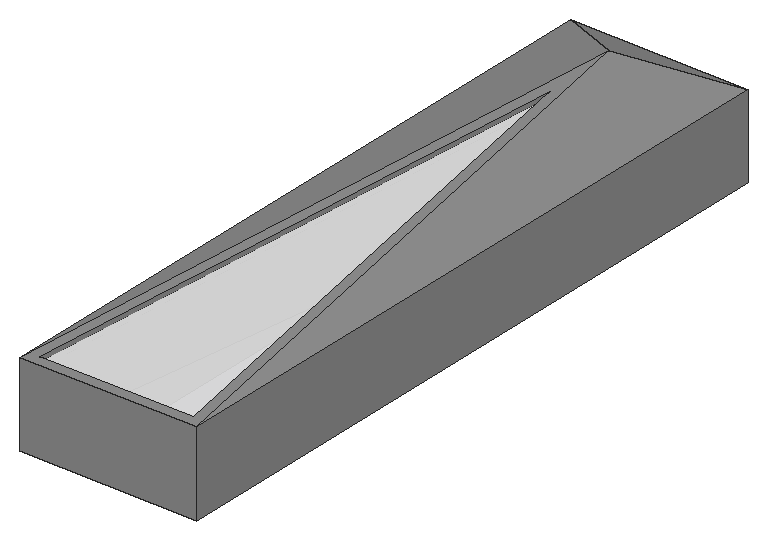
Revit family "3-736-xx - 37-736-xx - Elif (Outdoor)", category Lighting Fixtures, host Face, Revit 2018
Family settings
  Host = Face
  Round Connector Dimension = Use Diameter
  Part Type = Normal
  Cut with Voids When Loaded = No
  Light Source = Yes
  Shared = No
  Room Calculation Point = No
Parameters (values of type "3-736-16 / 37-736-16 - Elif")
  Wattage Comments = "13.00 W at 120 V"  # constant formula
  Wattage = 13 W
  built-in parameter 1150110 = 1 (stored number, unit not read)
  Voltage Input [instance] = "120 V or 277 V 50/60Hz"  # constant formula
  URL = "www.oxygenlighting.com"
  built-in parameter 1114217 = 1 (stored number, unit not read)
  Tilt Angle = 180.00°
  built-in parameter 1150109 = 1 (stored number, unit not read)
  built-in parameter 1150134 = (empty or 0)
  built-in parameter 1150113 = 1 (stored number, unit not read)
  Photometric Web File = "3-736-16 Elif.ies"
  Other = none
  References [instance] = "Ref. 3 = 120V / Ref. 37 = 277 V"  # constant formula
  Model = "3-736-xx / 37-736-xx - Elif"  # constant formula
  Metal Finish = 16 - Gray
  Manufacturer = "Oxygen Lighting"  # constant formula
  built-in parameter 1150105 = 33.932 (stored number, unit not read)
  Lumens = 426.4 lm
  built-in parameter 1150115 = 1 (stored number, unit not read)
  built-in parameter 1150137 = (empty or 0)
  built-in parameter 1150139 = (empty or 0)
  built-in parameter 1150112 = 1 (stored number, unit not read)
  built-in parameter 1150114 = 1 (stored number, unit not read)
  Lamp = "LED Array"  # constant formula
  built-in parameter 1150132 = (empty or 0)
  built-in parameter 1150102 = (empty or 0)
  built-in parameter 1150107 = 3000 (stored number, unit not read)
  built-in parameter 1150138 = (empty or 0)
  built-in parameter 1150106 = 0.33932 (stored number, unit not read)
  built-in parameter 1150127 = 1.00"
  Emit from Rectangle Length = 11.00"
  Emit Shape Visible in Rendering = no
  built-in parameter 1150104 = 3.0472 (stored number, unit not read)
  Dimming Lamp Color Temperature Shift = <None>
  Diffuser = Polished White Polycarbonate
  Default Elevation = 0.00"
  Color Filter = 16777215
  Emit from Rectangle Width = 12.00"
  built-in parameter 1150133 = 10 (stored number, unit not read)
Types (3): name | Metal Finish
  (no name) | 16 - Gray
  3-736-16 / 37-736-16 - Elif | 16 - Gray
  3-736-22 / 37-736-22 - Elif | 22- Oiled Bronze
Reference planes (in)
  plane 1 "Center (Front/Back)": y = 0
  plane 2: z = 0
  plane 3 "Center (Left/Right)": x = 0
Dimensions and locks (in)
  aligned and locked: plane 2 to host face
  aligned and locked: level to host face
Nested families (in)
  nested 1: "3-736 Elif" at (0, 0, 0), type "3-736 Elif"
Definition of nested family "3-736 Elif"
  Parameters (values of type "3-736 Elif")
    Others 2 = none
    Others 1 = none
    Metal Finish = none
    Main Diffuser = none
    2nd Diffuser = none
  Reference planes (in)
    plane 1 "Center (Front/Back)": y = 0
    plane 2: z = 0
    plane 3 "Center (Left/Right)": x = 0
    plane 4 "Top": y = 8.55
  Forms (in)
    Extrusion 1, solid, material <- "Metal Finish"
      sketch origin (0, 40.3, -2.95276) x (0, 0, -1) y (0, -1, 0)
        loop
          line (-2.95276, 48.25) -> (-5.75, 48.25) -> (-5.75, 31.75) -> (-2.95276, 31.75) -> (-2.95276, 48.25)
      from -2.125 to 2.125
    Blend 2, void
      base sketch origin (1.43133, -1.7, -2.95276) x (-1, 0, 0) y (0, 0, 1)
        loop
          line (3.55633, 5.75) -> (-0.69367, 5.75) -> (-0.69367, 4.95276) -> (3.55633, 4.95276) -> (3.55633, 5.75)
      top sketch origin (1.43133, -1.7, -2.95276) x (-1, 0, 0) y (0, 0, 1)
        loop
          line (3.55633, 5.75) -> (-0.69367, 5.75) -> (-0.69367, 5.69628) -> (3.55633, 5.69628) -> (3.55633, 5.75)
      from -6.25 to 8.74063
    Blend 3, void
      base sketch origin (61.61455, -1.7, -2.95276) x (-1, 0, 0) y (0, 0, 1)
        loop
          line (63.73955, 5.75) -> (59.48955, 5.75) -> (59.48955, 4.95276) -> (63.73955, 4.95276) -> (63.73955, 5.75)
      top sketch origin (61.61455, -1.7, -2.95276) x (-1, 0, 0) y (0, 0, 1)
        loop
          line (63.73955, 5.75) -> (59.48955, 5.75) -> (59.48955, 5.69628) -> (63.73955, 5.69628) -> (63.73955, 5.75)
      from 10.25 to 8.74063
    Extrusion 4, void
      sketch origin (61.61455, -3.95, -2.95276) x (-1, 0, 0) y (0, 0, 1)
        loop
          line (63.73955, 4.95276) -> (63.73955, 5.75) -> (61.46101, 5.75) -> (63.73955, 4.95276)
      from -4 to 12.5
    Extrusion 5, void
      sketch origin (-61.61455, -1.7, -2.95276) x (1, 0, 0) y (0, 0, -1)
        loop
          line (63.73955, -4.95276) -> (61.46101, -5.75) -> (63.73955, -5.75) -> (63.73955, -4.95276)
      from -6.25 to 10.25
    Extrusion 6, void
      sketch origin (1.43133, -5.97056, 4.02096) x (0, -1, 0) y (1, 0, 0)
        loop
          line (-11.22995, -1.43133) -> (1.72944, -3.26839) -> (1.72944, 0.40574) -> (-11.22995, -1.43133)
      from -3.64259 to 0.22904
    Extrusion 7, solid, material <- "Main Diffuser"
      sketch origin (0, -1.6499, 8.39124) x (0, 1, 0) y (-1, 0, 0)
        loop
          line (-6.0501, 1.83706) -> (-6.0501, -1.83706) -> (6.90929, 0) -> (-6.0501, 1.83706)
      from -6.90605 to -5.14124
    Extrusion 8, void
      sketch origin (0, -1.09862, 0) x (0, 1, 0) y (0, 0, 1)
        loop
          line (-7.22779, 1.88121) -> (8.14421, 2.64365) -> (8.14421, 4.50971) -> (-7.22779, 4.50971) -> (-7.22779, 1.88121)
        loop
          line (-7.22779, 1.75105) -> (-7.22779, 1.0138) -> (8.15065, 1.0138) -> (8.15065, 2.5138) -> (-7.22779, 1.75105)
      from -2.125 to 2.125
    Extrusion 9, solid
      sketch origin (0, 0, 0) x (1, 0, 0) y (0, 1, 0)
        loop
          line (-0.5, -6.52469) -> (0.5, -6.52469) -> (0.5, 4) -> (-0.5, 4) -> (-0.5, -6.52469)
      from 0.37837 to 0.46676
  Cuts and joins
    Blend 2, Blend 3, Extrusion 4, Extrusion 5, Extrusion 6 cuts Extrusion 1
    Extrusion 8 cuts Extrusion 7
  Lines and regions (in)
    model lines
      curve 1: line (-4, 0, 0) -> (4, 0, 0)
      curve 2: line (0, -4, 0) -> (0, 4, 0)
    symbolic lines
      curve 3: circle (0, 0, 0) r 2 normal (0, 0, 1)
    model lines, not visible
      curve 4: line (-13.0722, 21.77075, 0) -> (-5.0722, 21.77075, 0)
      curve 5: line (-9.0722, 17.77075, 0) -> (-9.0722, 25.77075, 0)
    symbolic lines, not visible
      curve 6: circle (-9.0722, 21.77075, 0) r 2 normal (0, 0, 1)
  Text (in)
    text "M.C." at (0.88973, 1.62995, 0), in view "Ref. Level"
    text "M.C." at (-8.18247, 23.4007, 0), in view "Ref. Level", not visible
  Dimensions and locks (in)
    equal spacing: Extrusion 9 sketch curve, plane 3 "Center (Left/Right)", Extrusion 9 sketch curve
    aligned and locked: plane 2 to level
    aligned and locked: Extrusion 1 to Blend 2 sketch curve  (x2)
    aligned and locked: Blend 2 sketch curve to var sketch  (x2)
    aligned and locked: Blend 3 sketch curve to var sketch  (x2)
